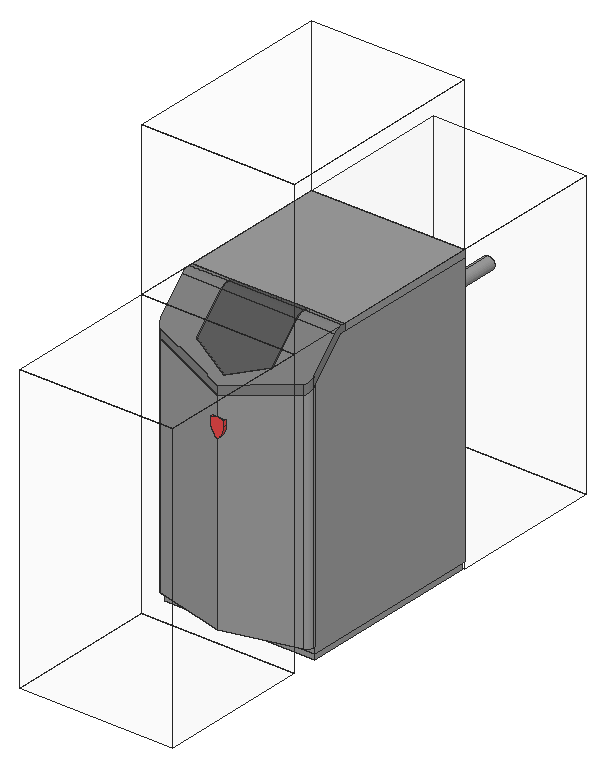
Revit family "Knight XL KBX0400-1000", category Mechanical Equipment, Revit 2017
Family settings
  Round Connector Dimension = Use Radius
  Part Type = Normal
  OmniClass Number = 23.65.35.11.17
  OmniClass Title = Thermodynamic Water Heaters
  Work Plane-Based = No
  Always vertical = Yes
  Cut with Voids When Loaded = No
  Shared = No
  Room Calculation Point = No
Parameters (values of type "KBX0400N")
  WEIGHT = "TBD"
  WATER CONN SIZE = Water Conn Radius * 2  # 2"
  Voltage/Heater = "120V"
  SES BIM Studio # = "20 0649 02"
  Right Clearance Depth = 0"
  MCA = "3.8"
  Left Clearance Depth = 0"
  FRICTION LOSS (FT HD) = "10"
  FLOW RATE (GPM) = "38"
  Top Clearance Depth = 24"
  F_Gas Conn Offset From Right = 20 1/4"
  Front Clearance Depth = 24"
  Water Conn Radius = 1"
  FLA = "3.0"
  Clearance Display = yes
  D_Unit Depth plus Water Outlet Length = 42 1/2"
  Condensate Drain Radius = 3/8"
  Back Clearance Depth = 24"
  Voltage/Control = "24"
  AIR INLET SIZE = Air Inlet Radius * 2  # 4"
  URL = "https://www.lochinvar.com/products/commercial-boilers/knight-xl"
  Model = MODEL NO.  # "KBX0400N"
  Manufacturer = "Lochinvar"
  MODEL NO. = "KBX0400N"
  Gas Conn Radius = 1/2"
  E_Gas Conn Offset from Bottom = 29 3/4"
  GAS CONN SIZE = Gas Conn Radius * 2  # 1"
  GALLON CAPACITY = "4.4"
  Flue Radius = 2"
  VENT SIZE = Flue Radius * 2  # 4"
  C_DEPTH = 33 1/2"
  INPUT RATE (BTUH) = "399,000"
  FUEL TYPE = "NATURAL GAS"
  Description = "Knight XL Commercial Boiler"
  Fuel Type = "Natural or LP"
  Air Inlet Radius = 2"
Types (6): name | WATER CONN SIZE | MCA | FRICTION LOSS (FT HD) | FLOW RATE (GPM) | F_Gas Conn Offset From Right | Water Conn Radius | FLA | D_Unit Depth plus Water Outlet Length | AIR INLET SIZE | Model | MODEL NO. | Gas Conn Radius | E_Gas Conn Offset from Bottom | GAS CONN SIZE | GALLON CAPACITY | Flue Radius | VENT SIZE | C_DEPTH | INPUT RATE (BTUH) | Air Inlet Radius
  (no name) | 2" | "3.8" | "10" | "38" | 20 1/4" | 1" | "3.0" | 42 1/2" | 4" | "KBX0400N" | "KBX0400N" | 1/2" | 29 3/4" | 1" | "4.4" | 2" | 4" | 33 1/2" | "399,000" | 2"
  KBX0400N | 2" | "3.8" | "10" | "38" | 20 1/4" | 1" | "3.0" | 42 1/2" | 4" | "KBX0400N" | "KBX0400N" | 1/2" | 29 3/4" | 1" | "4.4" | 2" | 4" | 33 1/2" | "399,000" | 2"
  KBX0500N | 2" | "3.9" | "14" | "48" | 20 1/4" | 1" | "3.1" | 42 1/2" | 4" | "KBX0500N" | "KBX0500N" | 1/2" | 29 3/4" | 1" | "4.9" | 2" | 4" | 33 1/2" | "500,000" | 2"
  KBX0650N | 2" | "4.1" | "16" | "62" | 15 1/4" | 1" | "3.3" | 53" | 4" | "KBX0650N" | "KBX0650N" | 5/8" | 30 1/2" | 1 1/4" | "6.2" | 2" | 4" | 42 1/2" | "650,000" | 2"
  KBX0800N | 2" | "5.4" | "17" | "76" | 15 1/4" | 1" | "4.3" | 53" | 4" | "KBX0800N" | "KBX0800N" | 5/8" | 30 1/2" | 1 1/4" | "7.3" | 3" | 6" | 42 1/2" | "800,000" | 2"
  KBX1000N | 2 1/2" | "8.3" | "18" | "96" | 15 3/4" | 1 1/4" | "6.6" | 62" | 6" | "KBX1000N" | "KBX1000N" | 5/8" | 30 1/2" | 1 1/4" | "8.8" | 3" | 6" | 50" | "999,000" | 3"
Reference planes (in)
  plane 1: z = 0
  plane 2 "Center (Left/Right)": x = -1.39218
  plane 3: z = 1
  plane 4: y = -38.625
  plane 5 "Top": z = 45
  plane 6: z = 44
  plane 7 "Left": x = -13.39218
  plane 8 "Right": x = 10.60782
  plane 9 "Bottom of Cover": z = 2
  plane 10 "Center (Front/Back)": y = -9.125
  plane 11: y = -9.375
  plane 12: x = -13.14218
  plane 13: x = 10.35782
  plane 14: y = -38.375
  plane 15 "Front": y = -42.625
  plane 16: y = -32.625
Forms (in)
  Extrusion 1, solid, material "Default Gray"
    sketch origin (0, -24.5, 44) x (-1, 0, 0) y (0, -1, 0)
      loop
        line (13.39218, -15.375) -> (13.39218, 8.125) -> (-10.60782, 8.125) -> (-10.60782, -15.375) -> (13.39218, -15.375)
    from 0 to 1
  Extrusion 2, solid, material "Default Gray"
    sketch origin (-13.35525, -9.125, -10.79261) x (0, 0, -1) y (-1, 0, 0)
      loop
        circle (-22.79261, -3.46308) r 2
    from 0 to 4
  Extrusion 3, solid, material "Default Gray"
    sketch origin (-27.44763, -9.125, -7.67203) x (0, 0, -1) y (-1, 0, 0)
      loop
        circle (-37.42203, -17.80545) r 0.5
    from 0 to 2
  Extrusion 4, solid, material "Default Gray"
    sketch origin (-12.22925, -9.125, 5.39775) x (0, 0, -1) y (-1, 0, 0)
      loop
        circle (-32.60225, -2.83707) r 1
    from 0 to 4
  Extrusion 5, solid, material "Default Gray"
    sketch origin (-14.54161, -9.125, 14.89314) x (0, 0, -1) y (-1, 0, 0)
      loop
        circle (-23.10686, -21.64943) r 1
    from 0 to 9
  Extrusion 6, solid, material "Default Gray"
    sketch origin (-17.07007, -9.125, -5.93016) x (0, 0, -1) y (-1, 0, 0)
      loop
        circle (-25.18016, -17.17789) r 2
    from 0 to 2
  Extrusion 7, solid, material "Default Gray"
    sketch origin (-17.81304, -9.125, -23.20677) x (0, 0, -1) y (-1, 0, 0)
      loop
        circle (-28.95677, -17.92086) r 0.375
    from 0 to 2
  Extrusion 8, solid, material "Default Gray"
    sketch origin (0, 0, 0) x (1, 0, 0) y (0, 1, 0)
      loop
        line (-13.14218, -9.375) -> (-13.14218, -38.375) -> (10.35782, -38.375) -> (10.35782, -9.375) -> (-13.14218, -9.375)
    from 0 to 1
  Extrusion 9, solid, material "Default Gray"
    sketch origin (-13.39218, 0, 0) x (0, 0, -1) y (0, -1, 0)
      loop
        line (-1, 9.125) -> (-1, 38.625) -> (-39, 38.625) -> (-44, 33.625) -> (-44, 9.125) -> (-1, 9.125)
    from 0 to -24
  Extrusion 10, solid, material "Default Gray"
    sketch origin (0, 0, 2) x (-1, 0, 0) y (0, -1, 0)
      loop
        line (13.39218, 38.625) -> (13.39218, 38.84422)
        arc (13.39218, 38.84422) -> (13.18038, 39.45964) -> (12.63471, 39.81437) r 1
        line (12.63471, 39.81437) -> (1.39218, 42.625) -> (-9.85036, 39.81437)
        arc (-9.85036, 39.81437) -> (-10.39603, 39.45964) -> (-10.60782, 38.84422) r 1
        line (-10.60782, 38.84422) -> (-10.60782, 38.625) -> (13.39218, 38.625)
    from 0 to 37
  Extrusion 11, solid, material "Default Dark Gray"
    sketch origin (-13.39218, 0, 0) x (0, 0, -1) y (0, -1, 0)
      loop
        line (-44, 32.625) -> (-44, 33.625) -> (-35, 42.625) -> (-36.41421, 42.625) -> (-44.41421, 34.625)
        arc (-44.41421, 34.625) -> (-44.84776, 33.97615) -> (-45, 33.21079) r 2
        line (-45, 33.21079) -> (-45, 32.625) -> (-44, 32.625)
    from 0 to -24
  Extrusion 12, void
    sketch origin (0, 0, 2) x (-1, 0, 0) y (0, -1, 0)
      loop
        line (13.39218, 38.84422) -> (13.39218, 42.625) -> (1.39218, 42.625) -> (12.63471, 39.81437)
        arc (12.63471, 39.81437) -> (13.18038, 39.45964) -> (13.39218, 38.84422) r 1
    from 0 to 43
  Extrusion 13, void
    sketch origin (0, 0, 2) x (-1, 0, 0) y (0, -1, 0)
      loop
        line (1.39218, 42.625) -> (-10.60782, 42.625) -> (-10.60782, 38.84422)
        arc (-10.60782, 38.84422) -> (-10.39603, 39.45964) -> (-9.85036, 39.81437) r 1
        line (-9.85036, 39.81437) -> (1.39218, 42.625)
    from 0 to 43
  Extrusion 14, void
    sketch origin (-13.39218, 0, 0) x (0, 0, -1) y (0, -1, 0)
      loop
        line (-45, 32.625) -> (-35, 42.625) -> (-45, 42.625) -> (-45, 32.625)
    from 0 to -24
  Extrusion 15, solid, material "Default Red"
    sketch origin (0, -42.625, 0) x (-1, 0, 0) y (0, 0, 1)
      loop
        line (1.39218, 32) -> (0.34867, 31.816) -> (0.34867, 30.97182)
        arc (0.34867, 30.97182) -> (0.62563, 29.85636) -> (1.39218, 29) r 2.38473
        arc (1.39218, 29) -> (2.15873, 29.85636) -> (2.43569, 30.97182) r 2.38473
        line (2.43569, 30.97182) -> (2.43569, 31.816) -> (1.39218, 32)
    from -0.125 to 0.5
  Extrusion 16, void
    sketch origin (0, 0, 2) x (-1, 0, 0) y (0, -1, 0)
      loop
        line (-4.54532, 32.625) -> (7.32968, 32.625) -> (7.32968, 39.3988) -> (1.39218, 41.55987) -> (-4.54532, 39.3988) -> (-4.54532, 32.625)
    from 34 to 43
  Extrusion 17, solid, material "Default Black"
    sketch origin (0, 0, 2) x (-1, 0, 0) y (0, -1, 0)
      loop
        line (-4.54532, 32.625) -> (7.32968, 32.625) -> (7.32968, 39.3988) -> (1.39218, 41.55987) -> (-4.54532, 39.3988) -> (-4.54532, 32.625)
    from 34 to 43
  Extrusion 18, void
    sketch origin (-13.39218, 0, 0) x (0, 0, -1) y (0, -1, 0)
      loop
        line (-44.41421, 34.625) -> (-37.47934, 41.55987) -> (-45, 41.55987) -> (-45, 33.21079)
        arc (-45, 33.21079) -> (-44.84776, 33.97615) -> (-44.41421, 34.625) r 2
    from 0 to -24
  Extrusion 19, void
    sketch origin (0, 0, 2) x (-1, 0, 0) y (0, -1, 0)
      loop
        line (1.39218, 42.625) -> (0.34867, 42.36412) -> (0.34867, 41.89648) -> (1.39218, 41.89648) -> (2.43569, 41.89648) -> (2.43569, 42.36412) -> (1.39218, 42.625)
    from 27 to 30
  Extrusion 20, solid, material "Clearance", visible <- "Clearance Display"
    sketch origin (0, 0, 0) x (1, 0, 0) y (0, 1, 0)
      loop
        line (-13.39218, -9.125) -> (10.60782, -9.125) -> (10.60782, 14.875) -> (-13.39218, 14.875) -> (-13.39218, -9.125)
    from 0 to 45
  Extrusion 21, solid, material "Clearance", visible <- "Clearance Display"
    sketch origin (0, -57.5, 0) x (1, 0, 0) y (0, 1, 0)
      loop
        line (-13.39218, -9.125) -> (10.60782, -9.125) -> (10.60782, 14.875) -> (-13.39218, 14.875) -> (-13.39218, -9.125)
    from 0 to 45
  Extrusion 22, solid, material "Clearance", visible <- "Clearance Display"
    sketch origin (0, 0, 45) x (-1, 0, 0) y (0, -1, 0)
      loop
        line (13.39218, 9.125) -> (13.39218, 42.625) -> (-10.60782, 42.625) -> (-10.60782, 9.125) -> (13.39218, 9.125)
    from 0 to 24 <- "Top Clearance Depth"
Cuts and joins
  Extrusion 16, Extrusion 19 cuts Extrusion 15
  Extrusion 12, Extrusion 13, Extrusion 16, Extrusion 18 cuts Extrusion 11
  Extrusion 16 cuts Extrusion 9
  Extrusion 12, Extrusion 13, Extrusion 14, Extrusion 16 cuts Extrusion 10
  Extrusion 18 cuts Extrusion 17
Lines and regions (in)
  model lines
    curve 1: line (9.60782, -9.125, 2) -> (-12.39218, -9.125, 2)
    curve 2: line (9.60782, -9.125, 1) -> (9.60782, -9.125, 44)
    curve 3: line (-12.39218, -9.125, 1) -> (-12.39218, -9.125, 44)
Dimensions and locks (in)
  "E_Gas Conn Offset from Bottom": plane 1 to Extrusion 3 sketch curve
  "F_Gas Conn Offset From Right": Extrusion 3 sketch curve to plane 8 "Right"
  "C_DEPTH": plane 10 "Center (Front/Back)" to plane 15 "Front"
  locked: plane 4 to plane 15 "Front" at 4
  locked: plane 14 to plane 4 at 0.25
  locked: plane 16 to plane 14 at 5.75
  "D_Unit Depth plus Water Outlet Length": Extrusion 5 to plane 15 "Front"
  locked: plane 11 to plane 10 "Center (Front/Back)" at 0.25
  "Back Clearance Depth": Extrusion 20 to plane 10 "Center (Front/Back)"
  "Front Clearance Depth": plane 15 "Front" to Extrusion 21
  "Air Inlet Radius": radius of Extrusion 2 sketch curve
  "Gas Conn Radius": radius of Extrusion 3 sketch curve
  "Water Conn Radius": radius of Extrusion 4 sketch curve
  "Water Conn Radius": radius of Extrusion 5 sketch curve
  "Flue Radius": radius of Extrusion 6 sketch curve
  "Condensate Drain Radius": radius of Extrusion 7 sketch curve
  aligned and locked: plane 5 "Top" to Extrusion 1
  aligned and locked: plane 11 to Extrusion 8 sketch curve
  aligned and locked: Extrusion 8 sketch curve to plane 12
  aligned and locked: plane 14 to Extrusion 8 sketch curve
  aligned and locked: plane 13 to Extrusion 8 sketch curve
  aligned and locked: Extrusion 1 sketch curve to plane 16
  aligned and locked: Extrusion 9 to Extrusion 1
  aligned and locked: plane 10 "Center (Front/Back)" to Extrusion 9 sketch curve
  aligned and locked: plane 15 "Front" to Extrusion 21 sketch curve
  aligned and locked: plane 15 "Front" to Extrusion 22 sketch curve
Automatic sketch dimensions
  Extrusion 1 sketch curve to plane 8 "Right" = 0"
  Extrusion 1 sketch curve to plane 7 "Left" = 0"
  Extrusion 1 sketch curve to plane 10 "Center (Front/Back)" = 0"
  Extrusion 9 to Extrusion 2 sketch curve = 3 1/2"
  Extrusion 2 sketch curve to Extrusion 9 = 11"
  Extrusion 9 to Extrusion 4 sketch curve = 6"
  Extrusion 9 to Extrusion 4 sketch curve = 4"
  Extrusion 9 to Extrusion 5 sketch curve = 6"
  Extrusion 9 to Extrusion 5 sketch curve = 3 1/2"
  Extrusion 6 sketch curve to Extrusion 9 = 18 1/4"
  Extrusion 9 to Extrusion 6 sketch curve = 10 1/2"
  Extrusion 9 sketch curve to plane 6 = 0"
  Extrusion 9 sketch curve to plane 4 = 0"
  Extrusion 9 sketch curve to plane 3 = 0"
  Extrusion 9 sketch curve to plane 6 = 5"
  Extrusion 9 sketch curve to plane 16 = 1"
  Extrusion 10 sketch curve to plane 8 "Right" = 0"
  Extrusion 10 sketch curve to plane 2 "Center (Left/Right)" = 0"
  Extrusion 10 sketch curve to plane 7 "Left" = 0"
  Extrusion 10 sketch curve to plane 4 = 0"
  Extrusion 10 sketch curve to plane 15 "Front" = 0"
  plane 13 to Extrusion 10 sketch curve = 0.50746"
  Extrusion 10 sketch curve to plane 4 = 0.21922"  (x2)
  plane 13 to Extrusion 10 sketch curve = 3/4"
  Extrusion 10 sketch curve to plane 12 = 3/4"
  Extrusion 10 sketch curve to plane 12 = 0.50746"
  Extrusion 11 sketch curve to plane 5 "Top" = 0"
  Extrusion 11 sketch curve to plane 6 = 0"
  Extrusion 11 sketch curve to plane 15 "Front" = 0"
  Extrusion 11 sketch curve to plane 16 = 0"
  plane 6 to Extrusion 11 sketch curve = 0.41421"
  Extrusion 11 sketch curve to plane 6 = 1"
  Extrusion 11 sketch curve to plane 6 = 7.58579"
  Extrusion 11 sketch curve to Extrusion 11 sketch curve = 1.41421"
  Extrusion 11 sketch curve to plane 16 = 0.58579"
  Extrusion 11 sketch curve to plane 16 = 1"
  curve 3 to Extrusion 9 = 0"  (x2)
  curve 2 to Extrusion 9 = 0"  (x2)
  Extrusion 9 to curve 2 = 1"
  curve 1 to curve 3 = 1"
  Extrusion 9 to curve 3 = 1"
  Extrusion 12 sketch curve to plane 2 "Center (Left/Right)" = 0"
  Extrusion 12 sketch curve to plane 7 "Left" = 0"  (x2)
  Extrusion 12 sketch curve to plane 15 "Front" = 0"
  Extrusion 12 sketch curve to plane 4 = 0.21922"
  Extrusion 12 sketch curve to plane 12 = 3/4"
  Extrusion 12 sketch curve to plane 12 = 0.50746"
  Extrusion 12 sketch curve to Extrusion 12 sketch curve = 0"
  Extrusion 13 sketch curve to plane 8 "Right" = 0"  (x2)
  Extrusion 13 sketch curve to plane 2 "Center (Left/Right)" = 0"
  Extrusion 13 sketch curve to plane 15 "Front" = 0"
  plane 13 to Extrusion 13 sketch curve = 0.50746"
  Extrusion 13 sketch curve to plane 4 = 0.21922"
  plane 13 to Extrusion 13 sketch curve = 3/4"
  Extrusion 13 sketch curve to Extrusion 13 sketch curve = 0"
  Extrusion 14 sketch curve to plane 5 "Top" = 0"
  Extrusion 14 sketch curve to plane 15 "Front" = 0"
  Extrusion 14 sketch curve to plane 16 = 0"
  Extrusion 14 sketch curve to plane 6 = 9"
  Extrusion 15 sketch curve to plane 2 "Center (Left/Right)" = 0"  (x2)
  plane 2 "Center (Left/Right)" to Extrusion 15 sketch curve = 1.04351"
  Extrusion 15 sketch curve to Extrusion 15 sketch curve = 0.29771"  (x2)
  Extrusion 15 sketch curve to plane 2 "Center (Left/Right)" = 1.04351"
  Extrusion 15 sketch curve to plane 6 = 13.02818"
  Extrusion 15 sketch curve to Extrusion 15 sketch curve = 0.84419"  (x2)
  Extrusion 15 sketch curve to Extrusion 15 sketch curve = 0.184"
  Extrusion 16 sketch curve to plane 16 = 0"
  Extrusion 16 sketch curve to plane 2 "Center (Left/Right)" = 0"
  plane 13 to Extrusion 16 sketch curve = 5 13/16"
  Extrusion 16 sketch curve to plane 4 = 0.7738"  (x2)
  Extrusion 16 sketch curve to plane 12 = 5 13/16"
  plane 15 "Front" to Extrusion 16 sketch curve = 1.06513"
  Extrusion 17 sketch curve to plane 16 = 0"
  Extrusion 17 sketch curve to plane 2 "Center (Left/Right)" = 0"
  plane 13 to Extrusion 17 sketch curve = 5 13/16"
  Extrusion 17 sketch curve to plane 12 = 5 13/16"
  Extrusion 17 sketch curve to plane 4 = 0.7738"  (x2)
  plane 15 "Front" to Extrusion 17 sketch curve = 1.06513"
  Extrusion 18 sketch curve to plane 5 "Top" = 0"
  plane 6 to Extrusion 18 sketch curve = 0.41421"
  Extrusion 18 sketch curve to plane 6 = 1"
  plane 15 "Front" to Extrusion 18 sketch curve = 1.06513"
  Extrusion 18 sketch curve to plane 6 = 6.52066"
  Extrusion 18 sketch curve to plane 16 = 2"
  Extrusion 19 sketch curve to plane 2 "Center (Left/Right)" = 0"  (x2)
  Extrusion 19 sketch curve to plane 15 "Front" = 0"
  plane 15 "Front" to Extrusion 19 sketch curve = 0.26088"  (x2)
  plane 2 "Center (Left/Right)" to Extrusion 19 sketch curve = 1.04351"
  Extrusion 19 sketch curve to plane 2 "Center (Left/Right)" = 1.04351"
  Extrusion 19 sketch curve to Extrusion 19 sketch curve = 0.46764"
  Extrusion 20 sketch curve to plane 7 "Left" = 0"
  Extrusion 20 sketch curve to plane 8 "Right" = 0"
  Extrusion 20 sketch curve to plane 10 "Center (Front/Back)" = 0"
  Extrusion 20 sketch curve to Extrusion 20 sketch curve = 24"
  Extrusion 21 sketch curve to plane 7 "Left" = 0"
  Extrusion 21 sketch curve to plane 8 "Right" = 0"
  Extrusion 21 sketch curve to plane 15 "Front" = 24"
  Extrusion 22 sketch curve to plane 8 "Right" = 0"
  Extrusion 22 sketch curve to plane 7 "Left" = 0"
  Extrusion 22 sketch curve to plane 10 "Center (Front/Back)" = 0"
  Extrusion 7 sketch curve to Extrusion 9 = 4 3/4"
  Extrusion 9 to Extrusion 7 sketch curve = 10 1/2"
Connectors (in)
  piping at (-9.39218, -5.125, 38), diameter 2, driven by "Water Conn Radius"
    settings: on Extrusion 4, index 4, connector inside diameter 24", connector length 0", flow factor 0, pipe flow 0 GPM, pressure drop 0.00 psi, fitting loss kfactor 0, connector angle 0.00°, fixture units 0, engagement length 0", angle of deflection 0.00°, flow configuration 0, flow direction 1, fitting loss method 0, system type 8, joint type 0, gender type 0, connector reference index -1, connector utility 0, adjustable connector no, is connector primary yes, connector description "Water Inlet"
  piping at (7.10782, -0.125, 38), diameter 2, driven by "Water Conn Radius"
    settings: on Extrusion 5, index 5, connector inside diameter 24", connector length 0", flow factor 0, pipe flow 0 GPM, pressure drop 0.00 psi, fitting loss kfactor 0, connector angle 0.00°, fixture units 0, engagement length 0", angle of deflection 0.00°, flow configuration 0, flow direction 2, fitting loss method 0, system type 7, joint type 0, gender type 0, connector reference index -1, connector utility 0, adjustable connector no, is connector primary no, connector description "Water Outlet"
  hvac at (0.10782, -7.125, 19.25), driven by "Flue Radius"
    settings: on Extrusion 6, index 6, duct flow 0 CFM, flow factor 0, pres drop 0.00 in-wg, loss coef 0, conn angle 0.00°, conn width 12", conn height 12", conn diameter 4", duct sys type 3, conn prof type 0, flow config 0, flow direction 2, loss method 0, conn ref index -1, conn util no, is conn primary no, conn desc "Flue"
  piping at (0.10782, -7.125, 5.75), diameter 0.75, driven by "Condensate Drain Radius"
    settings: on Extrusion 7, index 8, connector inside diameter 24", connector length 0", flow factor 0, pipe flow 0 GPM, pressure drop 0.00 psi, fitting loss kfactor 0, connector angle 0.00°, fixture units 0, engagement length 0", angle of deflection 0.00°, flow configuration 0, flow direction 2, fitting loss method 0, system type 22, joint type 0, gender type 0, connector reference index -1, connector utility 0, adjustable connector no, is connector primary no, connector description "Condensate Drain"
  hvac at (-9.89218, -5.125, 12), driven by "Air Inlet Radius"
    settings: on Extrusion 2, index 9, duct flow 0 CFM, flow factor 0, pres drop 0.00 in-wg, loss coef 0, conn angle 0.00°, conn width 12", conn height 12", conn diameter 4", duct sys type 1, conn prof type 0, flow config 0, flow direction 1, loss method 0, conn ref index -1, conn util no, is conn primary yes, conn desc "Air Inlet"
  piping at (-9.64218, -7.125, 29.75), diameter 1, driven by "Gas Conn Radius"
    settings: on Extrusion 3, index 10, connector inside diameter 24", connector length 0", flow factor 0, pipe flow 0 GPM, pressure drop 0.00 psi, fitting loss kfactor 0, connector angle 0.00°, fixture units 0, engagement length 0", angle of deflection 0.00°, flow configuration 0, flow direction 1, fitting loss method 0, system type 22, joint type 0, gender type 0, connector reference index -1, connector utility 0, adjustable connector no, is connector primary no, connector description "Gas Connection"
